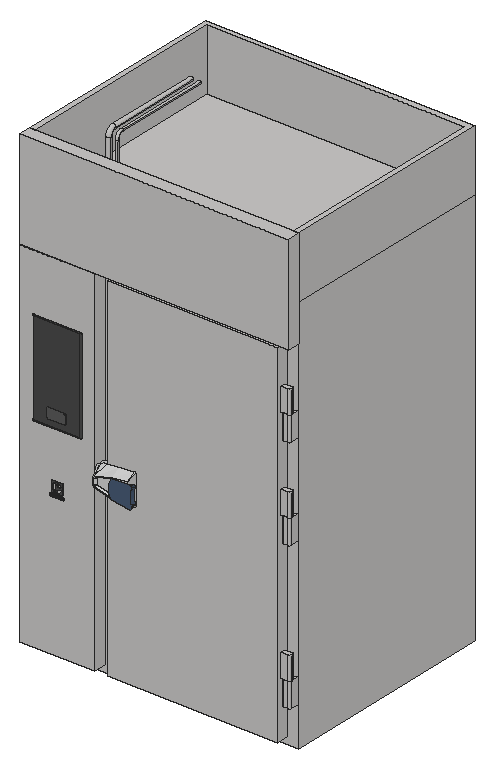
Revit family "QF_ELECTROLUXPROFESSIONAL_727874_EBFA22URE", category Specialty Equipment, Revit 2018
Family settings
  Round Connector Dimension = Use Radius
  Part Type = Normal
  Work Plane-Based = No
  Always vertical = Yes
  Cut with Voids When Loaded = No
  Shared = Yes
  Room Calculation Point = No
Parameters
  Weight = 0.00 kg
  Watts = 0 W
  Volts = 380 V
  URL Manufacturer = "http://professional.electrolux.com"
  URL = "http://professional.electrolux.com"
  Steam Supply Size = 0"
  Steam Supply Minimum Pressure = 0.00 psi
  Steam Supply Maximum Pressure = 0.00 psi
  Steam Pounds per Hour = 0
  Show Logo [instance] = yes
  Refrigeration Suction Line Size = 0"
  Refrigeration Liquid Line Size = 0"
  Refrigerant Compressor Remote = yes
  Phase = 3
  Model = "EBFA22URE"
  Manufacturer = "Electrolux"
  Length Actual = 1400 mm  # constant formula
  Item Number = "727874"
  Hot Water Size = 0"
  Height Actual = 2270 mm  # constant formula
  HP = "8.6 HP"
  Gas Size = 0"
  Gas KW = 0
  Gas Input Pressure = 0.0 Btu/h
  Direct Waste Size = 3/4"
  Description = "SKYLINE CHILLS BLAST CHILLER FREEZER 200/170KG 20 GN 2/1 - ROLL-IN - REMOTE REFRIGERATING UNIT - WITH UV LAMP"
  Depth Actual = 1266 mm  # constant formula
  Cycle = 60 Hz
  Condensate Return Size = 0"
  Compressed Air Volume = 0 GPM
  Compressed Air Size = 0"
  Compressed Air Pressure = 0.00 psi
  Cold Water Size = 0"
  Assembly Code = ""
  Show Clearance [instance] = yes
  Accessory = yes
Reference planes
  plane 1 "BACK": y = 1
  plane 2: z = 0
  plane 3 "LEFT": x = 0
  plane 4 "RIGHT": x = 1400
  plane 5 "FRONT": y = -1205
  plane 6 "TOP": z = 2400
  plane 7 "Center Y": x = 700
  plane 8: y = -2155
  plane 9: y = -602
Forms (mm)
  Extrusion 1, solid, material "QF_Clearance", visible <- "Show Clearance", detail levels coarse
    sketch origin (0, 0, -70) x (1, 0, 0) y (0, 1, 0)
      loop
        line (0, -1205) -> (0, 1) -> (1400, 1) -> (1400, -1205) -> (1500, -1205) -> (1500, 101) -> (-100, 101) -> (-100, -1205) -> (0, -1205)
    from 70 to 2670
  Extrusion 2, solid, material "QF_Finishes_Stainless Steel"
    sketch origin (349.253, 33, 630.991) x (-1, 0, 0) y (0, -1, 0)
      loop
        line (349.253, 1172.759) -> (349.253, 1238) -> (-39.747, 1238) -> (-39.747, 1172.759) -> (349.253, 1172.759)
    from -597 to 1254
  Extrusion 3, solid, material "QF_Finishes_Stainless Steel"
    sketch origin (596.16, 27.971, -70) x (1, 0, 0) y (0, 1, 0)
      loop
        line (743.84, -1172.971) -> (-141.16, -1172.971) -> (-141.16, -1232.971) -> (743.84, -1232.971) -> (743.84, -1172.971)
    from 103.991 to 1945.25
  Extrusion 4, solid, material "QF_Door-Drawer Clearances", visible <- "Show Clearance", detail levels coarse
    sketch origin (875, -72.029, -91.802) x (-1, 0, 0) y (0, -1, 0)
      loop
        line (-465, 2025.971) -> (-465, 1132.971) -> (420, 1132.971)
        arc (420, 1132.971) -> (153.836, 1754.227) -> (-465, 2025.971) r 920
    from 125.793 to 1967.052
  Extrusion 5, solid, material "QF_Finishes_Stainless Steel"
    sketch origin (0, -1139.759, 0) x (0, 1, 0) y (-1, 0, 0)
      loop
        line (1140.759, 0) -> (0.759, 0) -> (0.759, -1400) -> (1140.759, -1400) -> (1140.759, 0)
    from 0 to 2080
  Extrusion 6, solid, material "QF_Finishes_Stainless Steel"
    sketch origin (0, 0, -70) x (0, 1, 0) y (0, 0, 1)
      loop
        line (-1139, 2470) -> (-1205, 2470) -> (-1205, 1956) -> (-1139, 1956) -> (-1139, 2470)
    from 0 to 1400
  Extrusion 7, solid, material "QF_Finishes_Stainless Steel"
    sketch origin (0, -1139.759, 2080) x (0, 1, 0) y (-1, 0, 0)
      loop
        line (1140.759, 0) -> (0.759, 0) -> (0.759, -27.807) -> (1112.952, -27.807) -> (1112.952, -1372.193) -> (0.759, -1372.193) -> (0.759, -1400) -> (1140.759, -1400) -> (1140.759, 0)
    from 0 to 320
  Extrusion 8, solid, material "QF_Clearance", visible <- "Show Clearance", detail levels coarse
    sketch origin (0, 0, 2400) x (-1, 0, 0) y (0, -1, 0)
      loop
        line (0, 1205) -> (-1400, 1205) -> (-1400, -1) -> (0, -1) -> (0, 1205)
    from 0 to 200
  Extrusion 9, solid, material "QF_Finishes_Stainless Steel"
    sketch origin (-390.239, -0.977, 1172.559) x (1, 0, 0) y (0, 1, 0)
      loop
        line (1730.239, -1159.557) -> (1730.239, -1186.759) -> (1771.078, -1186.759)
        arc (1771.078, -1186.759) -> (1778.149, -1183.83) -> (1781.078, -1176.759) r 10
        line (1781.078, -1176.759) -> (1781.078, -1169.557)
        arc (1781.078, -1169.557) -> (1778.149, -1162.486) -> (1771.078, -1159.557) r 10
        line (1771.078, -1159.557) -> (1730.239, -1159.557)
    from 398 to 516
  Extrusion 10, solid, material "QF_Finishes_Stainless Steel"
    sketch origin (-388.989, -0.977, 1172.559) x (1, 0, 0) y (0, 1, 0)
      loop
        line (1779.828, -1138.023) -> (1738.215, -1138.023) -> (1738.215, -1176.759)
        arc (1738.215, -1176.759) -> (1741.143, -1183.83) -> (1748.215, -1186.759) r 10
        line (1748.215, -1186.759) -> (1769.828, -1186.759)
        arc (1769.828, -1186.759) -> (1776.899, -1183.83) -> (1779.828, -1176.759) r 10
        line (1779.828, -1176.759) -> (1779.828, -1138.023)
    from 269 to 396
  Extrusion 11, solid, material "QF_Finishes_Handrails and Railings"
    sketch origin (0, -1205, -139.705) x (-1, 0, 0) y (0, 0, 1)
      loop
        arc (-455, 1022.346) -> (-433.392, 1027.289) -> (-413, 1035.976) r 124.815
        arc (-413, 1035.976) -> (-402.037, 1046.425) -> (-398, 1061.023) r 28.412
        line (-398, 1061.023) -> (-398, 1124.287)
        arc (-398, 1124.287) -> (-402.037, 1138.885) -> (-413, 1149.334) r 28.412
        arc (-413, 1149.334) -> (-433.392, 1158.021) -> (-455, 1162.964) r 124.815
        line (-455, 1162.964) -> (-455, 1022.346)
    from 0 to 25
  Extrusion 12, solid, material "QF_Finishes_Stainless Steel"
    sketch origin (0, 1, -70) x (1, 0, 0) y (0, 0, 1)
      loop
        circle (50.191, 2279.706) r 10
    from -2 to 0
  Extrusion 13, solid
    sketch origin (0, 0, -70) x (1, 0, 0) y (0, 1, 0)
      loop
        circle (271, -895) r 12.7
    from 180 to 190
  Sweep 14, solid, material "QF_Finishes_Stainless Steel"
    path in 3D
      loop
        line (196, -872.727, 2090) -> (196, -872.727, 2314.785)
        arc (196, -872.727, 2314.785) -> (196, -863.94, 2335.999) -> (196, -842.727, 2344.785) r 30
        line (196, -842.727, 2344.785) -> (196, -337, 2344.785)
    profile origin (196, -589.864, 2344.785) x (-1, 0, 0) y (0, 0, 1)
      loop
        circle (0, -0.785) r 11
  Sweep 15, solid, material "QF_Finishes_Stainless Steel"
    path in 3D
      loop
        line (239, -337, 2344) -> (239, -842.727, 2344)
        arc (239, -842.727, 2344) -> (239, -863.94, 2335.213) -> (239, -872.727, 2314) r 30
        line (239, -872.727, 2314) -> (239, -872.727, 2090)
    profile origin (239, -589.864, 2344) x (1, 0, 0) y (0, 0, 1)
      loop
        circle (0, 0) r 6
  Extrusion 16, solid, material "QF_Finishes_Stainless Steel"
    sketch origin (0, -1139.759, 2080) x (0, 1, 0) y (-1, 0, 0)
      loop
        line (272.791, -163.68) -> (262.791, -163.68)
        arc (262.791, -163.68) -> (252.185, -168.074) -> (247.791, -178.68) r 15
        line (247.791, -178.68) -> (247.791, -270.358)
        arc (247.791, -270.358) -> (252.185, -280.965) -> (262.791, -285.358) r 15
        line (262.791, -285.358) -> (272.791, -285.358)
        arc (272.791, -285.358) -> (283.398, -280.965) -> (287.791, -270.358) r 15
        line (287.791, -270.358) -> (287.791, -178.68)
        arc (287.791, -178.68) -> (283.398, -168.074) -> (272.791, -163.68) r 15
    from 0 to 10
  Blend 17, solid, material "QF_Finishes_Handrails and Railings"
    base sketch origin (0, -1205, -139.705) x (1, 0, 0) y (0, 0, 1)
      loop
        arc (455, 1162.964) -> (433.392, 1158.021) -> (413, 1149.334) r 124.815
        arc (413, 1149.334) -> (402.037, 1138.885) -> (398, 1124.287) r 28.412
        line (398, 1124.287) -> (398, 1061.023)
        arc (398, 1061.023) -> (402.037, 1046.425) -> (413, 1035.976) r 28.412
        arc (413, 1035.976) -> (433.392, 1027.289) -> (455, 1022.346) r 124.815
        arc (455, 1022.346) -> (524.77, 1014.896) -> (594.859, 1011.587) r 1185.63
        arc (594.859, 1011.587) -> (600.607, 1013.879) -> (603, 1019.586) r 8
        line (603, 1019.586) -> (603, 1165.724)
        arc (603, 1165.724) -> (600.607, 1171.431) -> (594.859, 1173.723) r 8
        arc (594.859, 1173.723) -> (524.77, 1170.414) -> (455, 1162.964) r 1185.63
    top sketch origin (0, -1205, -139.705) x (1, 0, 0) y (0, 0, 1)
      loop
        line (421, 1108.337) -> (421, 1076.973)
        arc (421, 1076.973) -> (423.295, 1069.915) -> (429.302, 1065.557) r 12
        arc (429.302, 1065.557) -> (515.086, 1044.22) -> (603, 1034.974) r 636.459
        line (603, 1034.974) -> (603, 1150.336)
        arc (603, 1150.336) -> (515.086, 1141.09) -> (429.302, 1119.753) r 636.459
        arc (429.302, 1119.753) -> (423.295, 1115.395) -> (421, 1108.337) r 12
    from 0 to 50
  Blend 18, void
    base sketch origin (0, -1255, -139.705) x (-1, 0, 0) y (0, 0, 1)
      loop
        arc (-430.843, 1114.996) -> (-515.866, 1136.151) -> (-603, 1145.333) r 631.459
        line (-603, 1145.333) -> (-603, 1039.977)
        arc (-603, 1039.977) -> (-515.866, 1049.159) -> (-430.843, 1070.314) r 631.459
        arc (-430.843, 1070.314) -> (-427.339, 1072.856) -> (-426, 1076.973) r 7
        line (-426, 1076.973) -> (-426, 1108.337)
        arc (-426, 1108.337) -> (-427.339, 1112.454) -> (-430.843, 1114.996) r 7
    top sketch origin (0, -1255, -139.705) x (-1, 0, 0) y (0, 0, 1)
      loop
        arc (-432.384, 1110.24) -> (-516.647, 1131.211) -> (-603, 1140.33) r 626.459
        line (-603, 1140.33) -> (-603, 1044.98)
        arc (-603, 1044.98) -> (-516.647, 1054.099) -> (-432.384, 1075.07) r 626.459
        arc (-432.384, 1075.07) -> (-431.382, 1075.797) -> (-431, 1076.973) r 2
        line (-431, 1076.973) -> (-431, 1108.337)
        arc (-431, 1108.337) -> (-431.382, 1109.513) -> (-432.384, 1110.24) r 2
    from 0 to 10
  Blend 19, solid, material "QF_Finishes_Electrolux_Blue"
    base sketch origin (0, -1245, -139.705) x (1, 0, 0) y (0, 0, 1)
      loop
        arc (628.567, 1043.419) -> (622.014, 1092.655) -> (628.567, 1141.89) r 188.232
        arc (628.567, 1141.89) -> (627.358, 1147.991) -> (621.77, 1150.721) r 7
        arc (621.77, 1150.721) -> (572.304, 1148.509) -> (523.16, 1142.458) r 636.459
        arc (523.16, 1142.458) -> (507.711, 1092.655) -> (523.16, 1042.852) r 88
        arc (523.16, 1042.852) -> (572.304, 1036.801) -> (621.77, 1034.589) r 636.459
        arc (621.77, 1034.589) -> (627.358, 1037.319) -> (628.567, 1043.419) r 7
    top sketch origin (0, -1245, -139.705) x (1, 0, 0) y (0, 0, 1)
      loop
        arc (626.748, 1050.703) -> (622.014, 1092.655) -> (626.748, 1134.607) r 188.232
        arc (626.748, 1134.607) -> (625.775, 1138.85) -> (621.845, 1140.722) r 5
        arc (621.845, 1140.722) -> (569.023, 1138.185) -> (516.603, 1131.203) r 626.459
        arc (516.603, 1131.203) -> (507.711, 1092.655) -> (516.603, 1054.107) r 88
        arc (516.603, 1054.107) -> (569.023, 1047.124) -> (621.845, 1044.588) r 626.459
        arc (621.845, 1044.588) -> (625.775, 1046.46) -> (626.748, 1050.703) r 5
    from 20 to 0
  Extrusion 20, solid, material "QF_Finishes_Stainless Steel"
    sketch origin (-390.239, -0.977, 692.559) x (1, 0, 0) y (0, 1, 0)
      loop
        line (1730.239, -1159.557) -> (1730.239, -1186.759) -> (1771.078, -1186.759)
        arc (1771.078, -1186.759) -> (1778.149, -1183.83) -> (1781.078, -1176.759) r 10
        line (1781.078, -1176.759) -> (1781.078, -1169.557)
        arc (1781.078, -1169.557) -> (1778.149, -1162.486) -> (1771.078, -1159.557) r 10
        line (1771.078, -1159.557) -> (1730.239, -1159.557)
    from 398 to 516
  Extrusion 21, solid, material "QF_Finishes_Stainless Steel"
    sketch origin (-388.989, -0.977, 692.559) x (1, 0, 0) y (0, 1, 0)
      loop
        line (1779.828, -1138.023) -> (1738.215, -1138.023) -> (1738.215, -1176.759)
        arc (1738.215, -1176.759) -> (1741.143, -1183.83) -> (1748.215, -1186.759) r 10
        line (1748.215, -1186.759) -> (1769.828, -1186.759)
        arc (1769.828, -1186.759) -> (1776.899, -1183.83) -> (1779.828, -1176.759) r 10
        line (1779.828, -1176.759) -> (1779.828, -1138.023)
    from 269 to 396
  Extrusion 22, solid, material "QF_Finishes_Stainless Steel"
    sketch origin (-390.239, -0.977, -67.441) x (1, 0, 0) y (0, 1, 0)
      loop
        line (1730.239, -1159.557) -> (1730.239, -1186.759) -> (1771.078, -1186.759)
        arc (1771.078, -1186.759) -> (1778.149, -1183.83) -> (1781.078, -1176.759) r 10
        line (1781.078, -1176.759) -> (1781.078, -1169.557)
        arc (1781.078, -1169.557) -> (1778.149, -1162.486) -> (1771.078, -1159.557) r 10
        line (1771.078, -1159.557) -> (1730.239, -1159.557)
    from 398 to 516
  Extrusion 23, solid, material "QF_Finishes_Stainless Steel"
    sketch origin (-388.989, -0.977, -67.441) x (1, 0, 0) y (0, 1, 0)
      loop
        line (1779.828, -1138.023) -> (1738.215, -1138.023) -> (1738.215, -1176.759)
        arc (1738.215, -1176.759) -> (1741.143, -1183.83) -> (1748.215, -1186.759) r 10
        line (1748.215, -1186.759) -> (1769.828, -1186.759)
        arc (1769.828, -1186.759) -> (1776.899, -1183.83) -> (1779.828, -1176.759) r 10
        line (1779.828, -1176.759) -> (1779.828, -1138.023)
    from 269 to 396
  Extrusion 24, solid, material "QF_Door-Drawer Clearances", visible <- "Show Clearance", detail levels coarse
    sketch origin (167.029, -1956.84, -70) x (0, 1, 0) y (-1, 0, 0)
      loop
        line (751.84, -1172.971) -> (-141.16, -1172.971) -> (-141.16, -1232.971) -> (751.84, -1232.971) -> (751.84, -1172.971)
    from 103.991 to 1945.25
  Extrusion 25, solid, material "QF_Door-Drawer Clearances", visible <- "Show Clearance", detail levels coarse
    sketch origin (1400, -2553, -139.705) x (0, -1, 0) y (0, 0, 1)
      loop
        arc (-455, 1022.346) -> (-433.392, 1027.289) -> (-413, 1035.976) r 124.815
        arc (-413, 1035.976) -> (-402.037, 1046.425) -> (-398, 1061.023) r 28.412
        line (-398, 1061.023) -> (-398, 1124.287)
        arc (-398, 1124.287) -> (-402.037, 1138.885) -> (-413, 1149.334) r 28.412
        arc (-413, 1149.334) -> (-433.392, 1158.021) -> (-455, 1162.964) r 124.815
        line (-455, 1162.964) -> (-455, 1022.346)
    from 0 to 25
  Blend 26, solid, material "QF_Door-Drawer Clearances", visible <- "Show Clearance", detail levels coarse
    base sketch origin (1400, -2553, -139.705) x (0, 1, 0) y (0, 0, 1)
      loop
        arc (455, 1162.964) -> (433.392, 1158.021) -> (413, 1149.334) r 124.815
        arc (413, 1149.334) -> (402.037, 1138.885) -> (398, 1124.287) r 28.412
        line (398, 1124.287) -> (398, 1061.023)
        arc (398, 1061.023) -> (402.037, 1046.425) -> (413, 1035.976) r 28.412
        arc (413, 1035.976) -> (433.392, 1027.289) -> (455, 1022.346) r 124.815
        arc (455, 1022.346) -> (524.77, 1014.896) -> (594.859, 1011.587) r 1185.63
        arc (594.859, 1011.587) -> (600.607, 1013.879) -> (603, 1019.586) r 8
        line (603, 1019.586) -> (603, 1165.724)
        arc (603, 1165.724) -> (600.607, 1171.431) -> (594.859, 1173.723) r 8
        arc (594.859, 1173.723) -> (524.77, 1170.414) -> (455, 1162.964) r 1185.63
    top sketch origin (1400, -2553, -139.705) x (0, 1, 0) y (0, 0, 1)
      loop
        line (421, 1108.337) -> (421, 1076.973)
        arc (421, 1076.973) -> (423.295, 1069.915) -> (429.302, 1065.557) r 12
        arc (429.302, 1065.557) -> (515.086, 1044.22) -> (603, 1034.974) r 636.459
        line (603, 1034.974) -> (603, 1150.336)
        arc (603, 1150.336) -> (515.086, 1141.09) -> (429.302, 1119.753) r 636.459
        arc (429.302, 1119.753) -> (423.295, 1115.395) -> (421, 1108.337) r 12
    from 0 to 50
  Blend 27, void
    base sketch origin (1450, -2553, -139.705) x (0, -1, 0) y (0, 0, 1)
      loop
        arc (-430.843, 1114.996) -> (-515.866, 1136.151) -> (-603, 1145.333) r 631.459
        line (-603, 1145.333) -> (-603, 1039.977)
        arc (-603, 1039.977) -> (-515.866, 1049.159) -> (-430.843, 1070.314) r 631.459
        arc (-430.843, 1070.314) -> (-427.339, 1072.856) -> (-426, 1076.973) r 7
        line (-426, 1076.973) -> (-426, 1108.337)
        arc (-426, 1108.337) -> (-427.339, 1112.454) -> (-430.843, 1114.996) r 7
    top sketch origin (1450, -2553, -139.705) x (0, -1, 0) y (0, 0, 1)
      loop
        arc (-432.384, 1110.24) -> (-516.647, 1131.211) -> (-603, 1140.33) r 626.459
        line (-603, 1140.33) -> (-603, 1044.98)
        arc (-603, 1044.98) -> (-516.647, 1054.099) -> (-432.384, 1075.07) r 626.459
        arc (-432.384, 1075.07) -> (-431.382, 1075.797) -> (-431, 1076.973) r 2
        line (-431, 1076.973) -> (-431, 1108.337)
        arc (-431, 1108.337) -> (-431.382, 1109.513) -> (-432.384, 1110.24) r 2
    from 0 to 10
  Blend 28, solid, material "QF_Door-Drawer Clearances", visible <- "Show Clearance", detail levels coarse
    base sketch origin (1440, -2553, -139.705) x (0, 1, 0) y (0, 0, 1)
      loop
        arc (628.567, 1043.419) -> (622.014, 1092.655) -> (628.567, 1141.89) r 188.232
        arc (628.567, 1141.89) -> (627.358, 1147.991) -> (621.77, 1150.721) r 7
        arc (621.77, 1150.721) -> (572.304, 1148.509) -> (523.16, 1142.458) r 636.459
        arc (523.16, 1142.458) -> (507.711, 1092.655) -> (523.16, 1042.852) r 88
        arc (523.16, 1042.852) -> (572.304, 1036.801) -> (621.77, 1034.589) r 636.459
        arc (621.77, 1034.589) -> (627.358, 1037.319) -> (628.567, 1043.419) r 7
    top sketch origin (1440, -2553, -139.705) x (0, 1, 0) y (0, 0, 1)
      loop
        arc (626.748, 1050.703) -> (622.014, 1092.655) -> (626.748, 1134.607) r 188.232
        arc (626.748, 1134.607) -> (625.775, 1138.85) -> (621.845, 1140.722) r 5
        arc (621.845, 1140.722) -> (569.023, 1138.185) -> (516.603, 1131.203) r 626.459
        arc (516.603, 1131.203) -> (507.711, 1092.655) -> (516.603, 1054.107) r 88
        arc (516.603, 1054.107) -> (569.023, 1047.124) -> (621.845, 1044.588) r 626.459
        arc (621.845, 1044.588) -> (625.775, 1046.46) -> (626.748, 1050.703) r 5
    from 20 to -1
Cuts and joins
  Blend 18 cuts Blend 17
  joined: Extrusion 11, Blend 17
  Blend 18 cuts Extrusion 4
  Blend 27 cuts Blend 26
  Blend 27 cuts Blend 28
  joined: Extrusion 4, Extrusion 24, Extrusion 25, Blend 26, Blend 28
  joined: Extrusion 7, Extrusion 12
  joined: Extrusion 5, Extrusion 10, Sweep 14, Sweep 15, Extrusion 16, Extrusion 21, Extrusion 23
  joined: Extrusion 3, Extrusion 9, Extrusion 20, Extrusion 22
  joined: Extrusion 1, Extrusion 8
Lines and regions (mm)
  symbolic lines, style "QF-Clearances", visible <- "Show Clearance", detail levels coarse
    curve 1: line (-100, -1204.241, 70) -> (-100, 101, 70)
    curve 2: line (-100, 101, 70) -> (1500, 101, 70)
    curve 3: line (1500, 101, 70) -> (1500, -1204.241, 70)
  symbolic lines
    curve 4: line (185, -336.968, 70) -> (207, -336.968, 70)
    curve 5: line (207, -336.968, 70) -> (207, -871.942, 70)
    curve 6: line (233, -872.727, 70) -> (233, -337, 70)
    curve 7: line (233, -337, 70) -> (245, -337, 70)
    curve 8: line (245, -337, 70) -> (245, -872.727, 70)
    curve 9: line (245, -851.968, 70) -> (270.358, -851.968, 70)
    curve 10: arc (285.358, -866.968, 70) -> (280.965, -856.361, 70) -> (270.358, -851.968, 70) r 15
    curve 11: line (285.358, -876.968, 70) -> (285.358, -866.968, 70)
    curve 12: arc (270.358, -891.968, 70) -> (280.965, -887.575, 70) -> (285.358, -876.968, 70) r 15
    curve 13: line (178.68, -891.968, 70) -> (270.358, -891.968, 70)
    curve 14: arc (163.68, -876.968, 70) -> (168.074, -887.575, 70) -> (178.68, -891.968, 70) r 15
    curve 15: line (163.68, -866.968, 70) -> (163.68, -876.968, 70)
    curve 16: arc (178.68, -851.968, 70) -> (168.074, -856.361, 70) -> (163.68, -866.968, 70) r 15
    curve 17: arc (207, -871.942, 70) -> (196, -882.942, 70) -> (185, -871.942, 70) r 11
    curve 18: arc (233, -872.727, 70) -> (239, -878.727, 70) -> (245, -872.727, 70) r 6
    curve 19: line (178.68, -851.968, 70) -> (185, -851.968, 70)
    curve 20: line (185, -336.968, 70) -> (185, -871.942, 70)
    curve 21: line (207, -851.968, 70) -> (233, -851.968, 70)
    curve 22: line (0, 1, 70) -> (1400, 1, 70)
    curve 23: line (0, -1205, 70) -> (0, 1, 70)
    curve 24: line (1400, -1205, 70) -> (0, -1205, 70)
    curve 25: line (1400, 1, 70) -> (1400, -1205, 70)
    curve 26: line (27.807, -26.807, 70) -> (1372.193, -26.807, 70)
    curve 27: line (27.807, -1139, 70) -> (27.807, -26.807, 70)
    curve 28: line (1400, -1139, 70) -> (0, -1139, 70)
    curve 29: line (1372.193, -26.807, 70) -> (1372.193, -1139, 70)
    curve 30: line (75.5, -1210, 70) -> (313.5, -1210, 70)
    curve 31: line (75.5, -1210, 70) -> (67.5, -1205, 70)
    curve 32: line (313.5, -1210, 70) -> (321.5, -1205, 70)
    curve 33: line (421, -1255, 70) -> (398, -1205, 70)
    curve 34: line (421, -1255, 70) -> (603, -1255, 70)
    curve 35: line (603, -1255, 70) -> (603, -1205, 70)
    curve 36: line (603, -1245, 70) -> (626.748, -1245, 70)
    curve 37: line (626.748, -1245, 70) -> (628.811, -1265, 70)
    curve 38: line (628.811, -1265, 70) -> (507.711, -1265, 70)
    curve 39: line (507.711, -1265, 70) -> (507.711, -1255, 70)
  symbolic lines, style "QF_Door-Drawer Clearances", visible <- "Show Clearance"
    curve 40: line (1450, -2132, 70) -> (1400, -2155, 70)
    curve 41: line (1450, -2132, 70) -> (1450, -1950, 70)
    curve 42: line (1450, -1950, 70) -> (1400, -1950, 70)
    curve 43: line (1439, -1950, 70) -> (1439, -1926.126, 70)
    curve 44: line (1439, -1926.126, 70) -> (1460, -1924.189, 70)
    curve 45: line (1460, -1924.189, 70) -> (1460, -2045.289, 70)
    curve 46: line (1460, -2045.289, 70) -> (1450, -2045.289, 70)
    curve 47: line (1375, -2098, 70) -> (1375, -2155, 70)
    curve 48: line (1340, -2098, 70) -> (1400, -2098, 70)
    curve 49: arc (457.796, -1255, 70) -> (739.031, -1843.801, 70) -> (1340, -2098, 70) r 920
    curve 50: line (1400, -2155, 70) -> (1375, -2155, 70)
    curve 51: line (1400, -2098, 70) -> (1400, -1205, 70)
    curve 58: line (1340, -2098, 70) -> (1340, -1205, 70)
  sketch lines
    curve 52: line (196, -842.727, 2344.785) -> (196, -337, 2344.785)
    curve 53: arc (196, -872.727, 2314.785) -> (196, -863.94, 2335.999) -> (196, -842.727, 2344.785) r 30
    curve 54: line (196, -872.727, 2090) -> (196, -872.727, 2314.785)
    curve 55: line (239, -337, 2344) -> (239, -842.727, 2344)
    curve 56: arc (239, -842.727, 2344) -> (239, -863.94, 2335.213) -> (239, -872.727, 2314) r 30
    curve 57: line (239, -872.727, 2314) -> (239, -872.727, 2090)
Dimensions and locks
  plane 5 "FRONT" to plane 1 "BACK" = 1206 mm
  plane 6 "TOP" to level = 2400 mm
  plane 4 "RIGHT" to plane 3 "LEFT" = 1400 mm
  plane 3 "LEFT" to plane 4 "RIGHT" = 1400 mm
  equal spacing: plane 3 "LEFT", plane 7 "Center Y", plane 4 "RIGHT"
  plane 1 "BACK" to plane 5 "FRONT" = 1206 mm
  aligned and locked: level to plane 2
Automatic sketch dimensions
  plane 5 "FRONT" to Extrusion 1 sketch curve = 0 mm  (x2)
  Extrusion 1 sketch curve to plane 3 "LEFT" = 0 mm
  plane 1 "BACK" to Extrusion 1 sketch curve = 0 mm
  Extrusion 1 sketch curve to plane 4 "RIGHT" = 0 mm
  Extrusion 1 sketch curve to plane 3 "LEFT" = 100 mm
  plane 4 "RIGHT" to Extrusion 1 sketch curve = 100 mm
  Extrusion 1 sketch curve to plane 1 "BACK" = 100 mm
  plane 5 "FRONT" to Extrusion 2 sketch curve = 0 mm
  Extrusion 2 sketch curve to plane 3 "LEFT" = 0 mm
  Extrusion 2 sketch curve to plane 5 "FRONT" = 65.241 mm
  plane 5 "FRONT" to Extrusion 3 sketch curve = 0 mm
  Extrusion 3 sketch curve to plane 5 "FRONT" = 60 mm
  Extrusion 3 sketch curve to plane 4 "RIGHT" = 60 mm
  plane 5 "FRONT" to Extrusion 4 sketch curve = 0 mm
  Extrusion 4 sketch curve to plane 4 "RIGHT" = 25.377 mm
  Extrusion 4 sketch curve to Extrusion 4 sketch curve = 34.623 mm
  Extrusion 4 sketch curve to plane 5 "FRONT" = 26.348 mm
  Extrusion 5 sketch curve to plane 3 "LEFT" = 0 mm
  Extrusion 5 sketch curve to plane 4 "RIGHT" = 0 mm
  plane 1 "BACK" to Extrusion 5 sketch curve = 0 mm
  Extrusion 5 sketch curve to plane 5 "FRONT" = 66 mm
  Extrusion 6 sketch curve to plane 5 "FRONT" = 0 mm
  Extrusion 6 sketch curve to plane 5 "FRONT" = 66 mm
  Extrusion 6 sketch curve to plane 6 "TOP" = 514 mm
  plane 6 "TOP" to Extrusion 6 sketch curve = 0 mm
  Extrusion 5 to Extrusion 7 sketch curve = 0 mm
  Extrusion 7 sketch curve to Extrusion 5 = 0 mm  (x4)
  Extrusion 7 sketch curve to Extrusion 5 = 27.807 mm  (x3)
  Extrusion 8 sketch curve to plane 4 "RIGHT" = 0 mm
  plane 1 "BACK" to Extrusion 8 sketch curve = 0 mm
  Extrusion 8 sketch curve to plane 3 "LEFT" = 0 mm
  plane 5 "FRONT" to Extrusion 8 sketch curve = 0 mm
  Extrusion 9 sketch curve to plane 5 "FRONT" = 17.264 mm
  Extrusion 9 sketch curve to plane 4 "RIGHT" = 60 mm
  Extrusion 9 sketch curve to plane 4 "RIGHT" = 19.161 mm
  Extrusion 9 sketch curve to Extrusion 9 sketch curve = 0 mm
  Extrusion 9 sketch curve to plane 4 "RIGHT" = 9.161 mm
  Extrusion 9 sketch curve to Extrusion 9 sketch curve = 7.202 mm
  Extrusion 10 sketch curve to plane 5 "FRONT" = 27.264 mm
  Extrusion 10 sketch curve to plane 4 "RIGHT" = 50.775 mm
  Extrusion 10 sketch curve to Extrusion 10 sketch curve = 10 mm
  Extrusion 10 sketch curve to plane 4 "RIGHT" = 19.161 mm
  Extrusion 10 sketch curve to plane 4 "RIGHT" = 9.161 mm
  Extrusion 10 sketch curve to Extrusion 10 sketch curve = 38.736 mm
  plane 7 "Center Y" to Extrusion 11 sketch curve = 228.081 mm
  Extrusion 11 sketch curve to Extrusion 11 sketch curve = 0 mm
  Extrusion 11 sketch curve to Extrusion 11 sketch curve = 16.919 mm
  Extrusion 11 sketch curve to Extrusion 11 sketch curve = 28.588 mm  (x2)
  Extrusion 11 sketch curve to Extrusion 11 sketch curve = 28.412 mm
  level to Extrusion 11 sketch curve = 882.641 mm
  Extrusion 11 sketch curve to Extrusion 11 sketch curve = 16.954 mm  (x2)
  Extrusion 11 sketch curve to Extrusion 11 sketch curve = 38.676 mm
  Extrusion 11 sketch curve to Extrusion 11 sketch curve = 63.265 mm
  Extrusion 11 sketch curve to Extrusion 11 sketch curve = 21.722 mm
  plane 3 "LEFT" to Extrusion 12 sketch curve = 50.191 mm
  Extrusion 12 sketch curve to plane 6 "TOP" = 190.294 mm
  Extrusion 13 sketch curve to plane 9 = 293 mm
  Sweep 14 sketch curve to profile plane = 0 mm
  Sweep 14 sketch curve to profile plane = 0.785 mm
  profile plane to Sweep 15 sketch curve = 0 mm
  Sweep 15 sketch curve to profile plane = 0 mm
  Extrusion 16 sketch curve to Extrusion 5 = 247.032 mm
  Extrusion 16 sketch curve to Extrusion 16 sketch curve = 15 mm  (x3)
  Extrusion 16 sketch curve to Extrusion 16 sketch curve = 10 mm  (x2)
  Extrusion 16 sketch curve to Extrusion 5 = 285.358 mm
  Extrusion 16 sketch curve to Extrusion 16 sketch curve = 91.678 mm
  Blend 17 sketch curve to Extrusion 11 = 0 mm  (x4)
  Blend 17 sketch curve to Extrusion 11 = 28.412 mm
  Blend 17 sketch curve to Blend 17 sketch curve = 123.081 mm  (x2)
  Blend 17 sketch curve to Blend 17 sketch curve = 8 mm
  Extrusion 11 to Blend 17 sketch curve = 160.712 mm  (x2)
  Blend 17 sketch curve to Blend 17 sketch curve = 19.715 mm  (x2)
  Blend 17 sketch curve to Blend 17 sketch curve = 38.676 mm
  Blend 17 sketch curve to Extrusion 11 = 23 mm
  Blend 17 sketch curve to Blend 17 sketch curve = 12 mm  (x2)
  Extrusion 11 to Blend 17 sketch curve = 148 mm
  Extrusion 11 to Blend 17 sketch curve = 170.45 mm  (x2)
  Blend 17 sketch curve to Blend 17 sketch curve = 520.701 mm  (x2)
  Blend 17 sketch curve to Blend 17 sketch curve = 41.999 mm
  Blend 17 sketch curve to Blend 17 sketch curve = 31.364 mm
  Blend 17 sketch curve to Blend 17 sketch curve = 115.362 mm
  Blend 17 to Blend 18 sketch curve = 0 mm  (x2)
  Blend 18 sketch curve to Blend 18 sketch curve = 7 mm
  Blend 18 sketch curve to Blend 18 sketch curve = 31.364 mm  (x2)
  Blend 18 sketch curve to Blend 18 sketch curve = 2 mm
  Blend 18 to Blend 19 sketch curve = 18.811 mm  (x2)
  Blend 19 sketch curve to Blend 18 = 7.289 mm  (x2)
  Blend 19 sketch curve to Blend 19 sketch curve = 188.435 mm
  Blend 19 sketch curve to Blend 19 sketch curve = 7 mm  (x2)
  Blend 19 sketch curve to Blend 19 sketch curve = 51.066 mm  (x2)
  Blend 19 sketch curve to Blend 19 sketch curve = 0 mm  (x6)
  Blend 19 sketch curve to Blend 18 = 79.84 mm
  Blend 18 to Blend 19 sketch curve = 18.874 mm  (x2)
  Blend 19 sketch curve to Blend 19 sketch curve = 188.371 mm
  Blend 19 sketch curve to Blend 19 sketch curve = 5 mm  (x2)
  Blend 19 sketch curve to Blend 19 sketch curve = 43.067 mm  (x2)
  Blend 19 sketch curve to Blend 18 = 85.603 mm
  Extrusion 20 sketch curve to plane 5 "FRONT" = 17.264 mm
  Extrusion 20 sketch curve to plane 4 "RIGHT" = 60 mm
  Extrusion 20 sketch curve to plane 4 "RIGHT" = 19.161 mm
  Extrusion 20 sketch curve to Extrusion 20 sketch curve = 0 mm
  Extrusion 20 sketch curve to plane 4 "RIGHT" = 9.161 mm
  Extrusion 20 sketch curve to Extrusion 20 sketch curve = 7.202 mm
  Extrusion 21 sketch curve to plane 5 "FRONT" = 27.264 mm
  Extrusion 21 sketch curve to plane 4 "RIGHT" = 50.775 mm
  Extrusion 21 sketch curve to Extrusion 21 sketch curve = 10 mm
  Extrusion 21 sketch curve to plane 4 "RIGHT" = 19.161 mm
  Extrusion 21 sketch curve to plane 4 "RIGHT" = 9.161 mm
  Extrusion 21 sketch curve to Extrusion 21 sketch curve = 38.736 mm
  Extrusion 22 sketch curve to plane 5 "FRONT" = 17.264 mm
  Extrusion 22 sketch curve to plane 4 "RIGHT" = 60 mm
  Extrusion 22 sketch curve to plane 4 "RIGHT" = 19.161 mm
  Extrusion 22 sketch curve to Extrusion 22 sketch curve = 0 mm
  Extrusion 22 sketch curve to plane 4 "RIGHT" = 9.161 mm
  Extrusion 22 sketch curve to Extrusion 22 sketch curve = 7.202 mm
  Extrusion 23 sketch curve to plane 5 "FRONT" = 27.264 mm
  Extrusion 23 sketch curve to plane 4 "RIGHT" = 50.775 mm
  Extrusion 23 sketch curve to Extrusion 23 sketch curve = 10 mm
  Extrusion 23 sketch curve to plane 4 "RIGHT" = 19.161 mm
  Extrusion 23 sketch curve to plane 4 "RIGHT" = 9.161 mm
  Extrusion 23 sketch curve to Extrusion 23 sketch curve = 38.736 mm
  Extrusion 24 sketch curve to plane 4 "RIGHT" = 0 mm
  plane 5 "FRONT" to Extrusion 24 sketch curve = 0 mm
  Extrusion 24 sketch curve to plane 8 = 57 mm
  Extrusion 24 sketch curve to plane 4 "RIGHT" = 60 mm
  Extrusion 25 sketch curve to plane 8 = 0 mm
  Extrusion 25 sketch curve to Extrusion 25 sketch curve = 28.412 mm  (x2)
  Extrusion 25 sketch curve to Extrusion 25 sketch curve = 28.588 mm
  Extrusion 25 sketch curve to Extrusion 25 sketch curve = 16.919 mm  (x2)
  level to Extrusion 25 sketch curve = 882.641 mm
  Extrusion 25 sketch curve to Extrusion 25 sketch curve = 16.954 mm  (x2)
  Extrusion 25 sketch curve to Extrusion 25 sketch curve = 38.676 mm
  Extrusion 25 sketch curve to Extrusion 25 sketch curve = 63.265 mm
  Extrusion 25 sketch curve to Extrusion 25 sketch curve = 21.722 mm
  Blend 26 sketch curve to Extrusion 25 = 0 mm  (x4)
  Blend 26 sketch curve to Extrusion 25 = 28.412 mm
  Blend 26 sketch curve to Blend 26 sketch curve = 123.081 mm  (x2)
  Blend 26 sketch curve to Blend 26 sketch curve = 8 mm
  Extrusion 25 to Blend 26 sketch curve = 160.712 mm  (x2)
  Blend 26 sketch curve to Blend 26 sketch curve = 19.715 mm  (x2)
  Blend 26 sketch curve to Blend 26 sketch curve = 38.676 mm
  Blend 26 sketch curve to Extrusion 25 = 23 mm
  Blend 26 sketch curve to Blend 26 sketch curve = 12 mm  (x2)
  Extrusion 25 to Blend 26 sketch curve = 148 mm
  Extrusion 25 to Blend 26 sketch curve = 170.45 mm  (x2)
  Blend 26 sketch curve to Blend 26 sketch curve = 520.701 mm  (x2)
  Blend 26 sketch curve to Blend 26 sketch curve = 41.999 mm
  Blend 26 sketch curve to Blend 26 sketch curve = 31.364 mm
  Blend 26 sketch curve to Blend 26 sketch curve = 115.362 mm
  Blend 27 sketch curve to Blend 26 = 0 mm  (x2)
  Blend 27 sketch curve to Blend 27 sketch curve = 7 mm
  Blend 27 sketch curve to Blend 27 sketch curve = 31.364 mm  (x2)
  Blend 27 sketch curve to Blend 27 sketch curve = 2 mm
  Blend 27 to Blend 28 sketch curve = 18.811 mm  (x2)
  Blend 28 sketch curve to Blend 27 = 7.289 mm  (x2)
  Blend 28 sketch curve to Blend 28 sketch curve = 188.435 mm
  Blend 28 sketch curve to Blend 28 sketch curve = 7 mm  (x2)
  Blend 28 sketch curve to Blend 28 sketch curve = 51.066 mm  (x2)
  Blend 28 sketch curve to Blend 28 sketch curve = 0 mm  (x6)
  Blend 28 sketch curve to Blend 27 = 79.84 mm
  Blend 27 to Blend 28 sketch curve = 18.874 mm  (x2)
  Blend 28 sketch curve to Blend 28 sketch curve = 188.371 mm
  Blend 28 sketch curve to Blend 28 sketch curve = 5 mm  (x2)
  Blend 28 sketch curve to Blend 28 sketch curve = 43.067 mm  (x2)
  Blend 28 sketch curve to Blend 27 = 85.603 mm
  plane 7 "Center Y" to Extrusion 2 sketch curve = 311 mm
  plane 7 "Center Y" to Extrusion 3 sketch curve = 245 mm
  plane 7 "Center Y" to Extrusion 4 sketch curve = 245 mm
  plane 3 "LEFT" to Extrusion 13 sketch curve = 271 mm
  plane 8 to curve 47 = 0 mm
  curve 42 to plane 4 "RIGHT" = 0 mm
  plane 5 "FRONT" to curve 33 = 0 mm
  curve 28 to plane 3 "LEFT" = 0 mm
  plane 1 "BACK" to curve 22 = 0 mm
  curve 50 to plane 4 "RIGHT" = 0 mm
  curve 41 to plane 8 = 23 mm
  curve 48 to plane 8 = 57 mm
  curve 48 to curve 46 = 52.711 mm
  curve 46 to curve 41 = 95.289 mm
  plane 4 "RIGHT" to curve 44 = 39 mm
  curve 43 to curve 44 = 23.874 mm
  curve 43 to curve 45 = 1.937 mm
  plane 5 "FRONT" to curve 37 = 60 mm
  plane 5 "FRONT" to curve 34 = 50 mm
  curve 37 to curve 37 = 20 mm
  plane 5 "FRONT" to curve 30 = 5 mm
  curve 49 to plane 5 "FRONT" = 26.348 mm
  plane 3 "LEFT" to curve 13 = 178.68 mm
  curve 13 to plane 9 = 289.968 mm
  curve 13 to curve 14 = 15 mm
  curve 12 to curve 11 = 15 mm
  curve 12 to curve 18 = 4.241 mm
  curve 14 to curve 17 = 5.026 mm
  curve 14 to curve 15 = 10 mm
  curve 12 to curve 11 = 10 mm
  curve 10 to curve 9 = 15 mm
  curve 16 to curve 19 = 15 mm
  plane 9 to curve 7 = 265 mm
  curve 6 to curve 5 = 0.032 mm
  plane 1 "BACK" to curve 26 = 27.807 mm
  curve 2 to plane 1 "BACK" = 100 mm
  curve 42 to curve 43 = 11 mm
  curve 45 to curve 43 = 21 mm
  plane 4 "RIGHT" to curve 2 = 100 mm
  curve 40 to curve 47 = 25 mm
  curve 49 to plane 4 "RIGHT" = 25.377 mm
  curve 29 to plane 4 "RIGHT" = 27.807 mm
  curve 47 to curve 48 = 35 mm
  plane 7 "Center Y" to curve 37 = 71.189 mm
  curve 37 to curve 36 = 2.062 mm
  curve 36 to curve 34 = 23.748 mm
  curve 39 to curve 49 = 49.915 mm
  curve 49 to curve 33 = 36.796 mm
  curve 33 to curve 30 = 107.5 mm
  curve 11 to curve 16 = 106.678 mm
  curve 12 to curve 8 = 25.358 mm
  curve 8 to curve 18 = 6 mm
  curve 6 to curve 4 = 26 mm
  curve 5 to curve 17 = 11 mm
  plane 3 "LEFT" to curve 30 = 75.5 mm
  plane 3 "LEFT" to curve 27 = 27.807 mm
  curve 1 to plane 3 "LEFT" = 100 mm
  curve 3 to plane 5 "FRONT" = 0.759 mm
  curve 1 to plane 5 "FRONT" = 0.759 mm
  curve 49 to curve 29 = 39.652 mm
  curve 17 to curve 21 = 19.974 mm
  curve 33 to curve 33 = 23 mm
  curve 32 to curve 30 = 8 mm
  curve 30 to curve 31 = 8 mm
  radius of Extrusion 12 sketch curve = 10 mm
  radius of Extrusion 13 sketch curve = 12.7 mm
  radius of Sweep 14 sketch curve = 11 mm
  radius of Sweep 15 sketch curve = 6 mm
  radius of Blend 17 sketch curve to Extrusion 11 = 0 mm  (x3)
  radius of Blend 18 sketch curve to Blend 17 = 5 mm  (x3)
  radius of Blend 18 sketch curve to Blend 17 = 10 mm  (x3)
  radius of Blend 18 to Blend 19 sketch curve = 10 mm  (x2)
  radius of Blend 19 sketch curve to Blend 18 = 0 mm  (x2)
  radius of Blend 26 sketch curve to Extrusion 25 = 0 mm  (x3)
  radius of Blend 27 sketch curve to Blend 26 = 5 mm  (x3)
  radius of Blend 27 sketch curve to Blend 26 = 10 mm  (x3)
  radius of Blend 27 to Blend 28 sketch curve = 10 mm  (x2)
  radius of Blend 28 sketch curve to Blend 27 = 0 mm  (x2)
Nested families
  nested 1: "ELX_Touch" at (194.5, -1205, 1338.103) x (1, 0, 0) z (0, -1, 0), type "ELX_Touch"
  nested 2: "ELX_Logo_S_New" at (194.5, -1205, 779.103) x (1, 0, 0) z (0, -1, 0), visible <- "Show Logo", type "ELX_Logo_S_New"
    with M QF_Finishes_Black
  nested 3: "ELX_Logo_Symbol" at (194.5, -1205, 819.103) x (1, 0, 0) z (0, -1, 0), visible <- "Show Logo", type "ELX_Logo_Symbol"
    with M QF_Finishes_Black
Connectors
  piping at (271, -895, 110), diameter 25.4
    settings: on Extrusion 13, index 5, connector inside diameter 24", connector length 0 mm, flow factor 0, pipe flow 0 GPM, pressure drop 0.00 psi, fitting loss kfactor 0, connector angle 0.00°, fixture units 0, engagement length 0 mm, angle of deflection 0.00°, flow configuration 1, flow direction 2, fitting loss method 0, system type 16, joint type 0, gender type 0, connector reference index -1, connector utility 0, adjustable connector no, is connector primary yes, connector description "Drain"
  electrical at (50.191, 3, 2209.706), driven by "Volts"
    settings: on Extrusion 12, index 6, voltage 380 V, apparent load 0 VA, apparent load phase1 0 VA, apparent load phase2 0 VA, apparent load phase3 0 VA, power factor 1, load classification "Altro", number of poles 1, system type 30, power factor state 1, is connector primary yes, connector utility no, sub classification motor no, connector description "Electrical Connection"
  piping at (239, -337, 2344), diameter 12
    settings: on Sweep 15, index 7, connector inside diameter 24", connector length 0 mm, flow factor 0, pipe flow 0 GPM, pressure drop 0.00 psi, fitting loss kfactor 0, connector angle 0.00°, fixture units 0, engagement length 0 mm, angle of deflection 0.00°, flow configuration 1, flow direction 1, fitting loss method 0, system type 8, joint type 0, gender type 0, connector reference index -1, connector utility 0, adjustable connector no, is connector primary no, connector description "Refrigerant Outlet"
  piping at (196, -337, 2344), diameter 22
    settings: on Sweep 14, index 8, connector inside diameter 24", connector length 0 mm, flow factor 0, pipe flow 0 GPM, pressure drop 0.00 psi, fitting loss kfactor 0, connector angle 0.00°, fixture units 0, engagement length 0 mm, angle of deflection 0.00°, flow configuration 1, flow direction 1, fitting loss method 0, system type 7, joint type 0, gender type 0, connector reference index -1, connector utility 0, adjustable connector no, is connector primary no, connector description "Refrigerant Inlet"
Definition of nested family "ELX_Touch"
  Parameters
    Default Elevation = 1219.2 mm
  Reference planes
    plane 1 "Centro (Fronte/Retro)": y = 0
    plane 2: z = 0
    plane 3 "Centro (Sinistra/Destra)": x = 0
  Forms (mm)
    Extrusion 1, solid
      sketch origin (0, 0, 0) x (1, 0, 0) y (0, 1, 0)
        loop
          line (-1219.2, 1219.2) -> (-1219.2, -1219.2) -> (1219.2, -1219.2) -> (1219.2, 1219.2) -> (-1219.2, 1219.2)
      from 0 to -304.8
    Extrusion 2, solid
      sketch origin (0, 0, 5) x (1, 0, 0) y (0, 1, 0)
        loop
          line (-47, -160) -> (-47, -202)
          arc (-47, -202) -> (-45.536, -205.535) -> (-42, -207) r 5
          line (-42, -207) -> (42, -207)
          arc (42, -207) -> (45.536, -205.535) -> (47, -202) r 5
          line (47, -202) -> (47, -160)
          arc (47, -160) -> (45.536, -156.465) -> (42, -155) r 5
          line (42, -155) -> (-42, -155)
          arc (-42, -155) -> (-45.536, -156.465) -> (-47, -160) r 5
      from 0 to 2
    Blend 3, solid
      base sketch origin (0, 0, 0) x (1, 0, 0) y (0, 1, 0)
        loop
          line (-127, 244) -> (-127, -244)
          arc (-127, -244) -> (-125.536, -247.536) -> (-122, -249) r 5
          line (-122, -249) -> (122, -249)
          arc (122, -249) -> (125.536, -247.536) -> (127, -244) r 5
          line (127, -244) -> (127, 244)
          arc (127, 244) -> (125.536, 247.536) -> (122, 249) r 5
          line (122, 249) -> (-122, 249)
          arc (-122, 249) -> (-125.536, 247.536) -> (-127, 244) r 5
      top sketch origin (0, 0, 0) x (1, 0, 0) y (0, 1, 0)
        loop
          line (-119, -241) -> (119, -241) -> (119, 241) -> (-119, 241) -> (-119, -241)
      from 0 to 5
  Lines and regions (mm)
    Split face 1
      outline origin (0, 0, 5) x (1, 0, 0) y (0, 1, 0)
        loop
          line (-70.506, 46.167) -> (70.506, 46.167) -> (70.506, 214.829) -> (-70.506, 214.829) -> (-70.506, 46.167)
    Split face 2
      outline origin (0, 0, 5) x (1, 0, 0) y (0, 1, 0)
        loop
          line (-47.467, 50.825) -> (47.467, 50.825) -> (47.467, 210.171) -> (-47.467, 210.171) -> (-47.467, 50.825)
    Split face 3
      outline origin (0, 0, 5) x (1, 0, 0) y (0, 1, 0)
        loop
          line (-70.521, -215.33) -> (70.521, -215.33) -> (70.521, -146.67) -> (-70.521, -146.67) -> (-70.521, -215.33)
    Split face 4
      outline origin (0, 0, 5) x (1, 0, 0) y (0, 1, 0)
        loop
          line (-119, 201.163) -> (-70.506, 201.163)
        loop
          line (70.506, 201.163) -> (119, 201.163)
        loop
          line (70.521, -200.849) -> (119, -200.849)
        loop
          line (-119, -200.849) -> (-70.521, -200.849)
  Dimensions and locks
    aligned and locked: plane 2 to Extrusion 1
    aligned and locked: level to Extrusion 1
Definition of nested family "ELX_Logo_S_New"
  Parameters
    Default Elevation = 0 mm
    M [instance] = none
  Reference planes
    plane 1 "Centro (Fronte/Retro)": y = 0
    plane 2: z = 0
    plane 3 "Centro (Sinistra/Destra)": x = 0
  Forms (mm)
    Extrusion 1, solid
      sketch origin (0, 0, 0) x (1, 0, 0) y (0, 1, 0)
        loop
          line (-1219.2, 1219.2) -> (-1219.2, -1219.2) -> (1219.2, -1219.2) -> (1219.2, 1219.2) -> (-1219.2, 1219.2)
      from 0 to -304.8
    Extrusion 2, solid, material <- "M"
      sketch origin (0, 0, 0) x (1, 0, 0) y (0, 1, 0)
        loop
          spline (-32.537, -4.135) -> (-32.702, -4.128) -> (-32.877, -4.105) -> (-33.059, -4.064) -> (-33.242, -4.002) -> (-33.422, -3.916) -> (-33.593, -3.803) -> (-33.751, -3.66) -> (-33.891, -3.486) -> (-34.008, -3.276) -> (-34.098, -3.029) -> (-34.155, -2.741) -> (-34.176, -2.41)
          line (-34.176, -2.41) -> (-34.176, -0.943) -> (-29.331, -0.943) -> (-29.331, 0.928) -> (-34.176, 0.928) -> (-34.176, 3.652) -> (-29.023, 3.652) -> (-29.023, 5.518) -> (-36.159, 5.518) -> (-36.159, -2.326)
          spline (-36.159, -2.326) -> (-36.142, -2.808) -> (-36.088, -3.263) -> (-35.996, -3.688) -> (-35.867, -4.083) -> (-35.698, -4.445) -> (-35.489, -4.773) -> (-35.239, -5.066) -> (-34.946, -5.322) -> (-34.61, -5.539) -> (-34.23, -5.716) -> (-33.804, -5.851) -> (-33.332, -5.943)
          line (-33.332, -5.943) -> (-32.554, -5.999) -> (-28.885, -5.999) -> (-28.885, -4.135) -> (-32.537, -4.135)
        loop
          line (-27.476, 0.076) -> (-27.476, -6.002) -> (-25.492, -6.002) -> (-25.492, 5.521) -> (-27.476, 5.521) -> (-27.476, 0.076)
        loop
          spline (-15.702, -2.321) -> (-15.689, -1.697) -> (-15.749, -1.094) -> (-15.879, -0.516) -> (-16.078, 0.029) -> (-16.341, 0.538) -> (-16.668, 1.004) -> (-17.055, 1.422) -> (-17.5, 1.786) -> (-17.999, 2.091) -> (-18.552, 2.331) -> (-19.154, 2.5) -> (-19.804, 2.594)
          spline (-19.804, 2.594) -> (-20.422, 2.558) -> (-21.009, 2.453) -> (-21.56, 2.28) -> (-22.072, 2.042) -> (-22.54, 1.743) -> (-22.96, 1.385) -> (-23.327, 0.97) -> (-23.638, 0.502) -> (-23.887, -0.018) -> (-24.07, -0.586) -> (-24.183, -1.2) -> (-24.222, -1.857)
          spline (-24.222, -1.857) -> (-24.184, -2.498) -> (-24.074, -3.097) -> (-23.895, -3.652) -> (-23.651, -4.16) -> (-23.344, -4.618) -> (-22.979, -5.023) -> (-22.559, -5.374) -> (-22.087, -5.667) -> (-21.567, -5.899) -> (-21.003, -6.068) -> (-20.397, -6.172) -> (-19.754, -6.207)
          spline (-19.754, -6.207) -> (-19.44, -6.2) -> (-19.13, -6.176) -> (-18.823, -6.135) -> (-18.52, -6.074) -> (-18.221, -5.993) -> (-17.925, -5.89) -> (-17.634, -5.762) -> (-17.346, -5.609) -> (-17.062, -5.43) -> (-16.782, -5.221) -> (-16.506, -4.983) -> (-16.234, -4.713)
          line (-16.234, -4.713) -> (-17.429, -3.55)
          spline (-17.429, -3.55) -> (-17.587, -3.702) -> (-17.745, -3.841) -> (-17.906, -3.967) -> (-18.07, -4.08) -> (-18.239, -4.181) -> (-18.415, -4.268) -> (-18.599, -4.343) -> (-18.792, -4.404) -> (-18.996, -4.452) -> (-19.213, -4.486) -> (-19.443, -4.506) -> (-19.688, -4.513)
          spline (-19.688, -4.513) -> (-20.047, -4.496) -> (-20.383, -4.443) -> (-20.696, -4.358) -> (-20.984, -4.24) -> (-21.246, -4.092) -> (-21.479, -3.915) -> (-21.683, -3.711) -> (-21.856, -3.48) -> (-21.997, -3.224) -> (-22.104, -2.945) -> (-22.176, -2.643) -> (-22.212, -2.321)
          line (-22.212, -2.321) -> (-15.702, -2.321)
        loop
          spline (-17.695, -0.926) -> (-17.714, -0.681) -> (-17.771, -0.445) -> (-17.861, -0.221) -> (-17.984, -0.01) -> (-18.135, 0.184) -> (-18.314, 0.36) -> (-18.516, 0.516) -> (-18.741, 0.648) -> (-18.984, 0.755) -> (-19.244, 0.834) -> (-19.518, 0.883) -> (-19.804, 0.9)
          spline (-19.804, 0.9) -> (-20.11, 0.884) -> (-20.405, 0.835) -> (-20.686, 0.757) -> (-20.95, 0.652) -> (-21.195, 0.521) -> (-21.419, 0.367) -> (-21.618, 0.192) -> (-21.79, -0.003) -> (-21.934, -0.214) -> (-22.045, -0.439) -> (-22.122, -0.678) -> (-22.162, -0.926)
          line (-22.162, -0.926) -> (-17.695, -0.926)
        loop
          spline (-12.669, -1.807) -> (-12.646, -1.438) -> (-12.58, -1.088) -> (-12.472, -0.759) -> (-12.326, -0.455) -> (-12.145, -0.177) -> (-11.93, 0.072) -> (-11.685, 0.289) -> (-11.412, 0.473) -> (-11.114, 0.62) -> (-10.793, 0.728) -> (-10.453, 0.794) -> (-10.095, 0.817)
          spline (-10.095, 0.817) -> (-9.876, 0.81) -> (-9.665, 0.79) -> (-9.464, 0.756) -> (-9.271, 0.709) -> (-9.086, 0.65) -> (-8.908, 0.578) -> (-8.737, 0.495) -> (-8.572, 0.399) -> (-8.414, 0.292) -> (-8.261, 0.173) -> (-8.113, 0.044) -> (-7.969, -0.096)
          line (-7.969, -0.096) -> (-6.741, 1.183)
          spline (-6.741, 1.183) -> (-6.985, 1.427) -> (-7.237, 1.647) -> (-7.496, 1.843) -> (-7.762, 2.015) -> (-8.034, 2.164) -> (-8.312, 2.291) -> (-8.596, 2.397) -> (-8.886, 2.482) -> (-9.181, 2.546) -> (-9.481, 2.592) -> (-9.786, 2.619) -> (-10.095, 2.627)
          spline (-10.095, 2.627) -> (-10.715, 2.589) -> (-11.308, 2.476) -> (-11.871, 2.294) -> (-12.396, 2.046) -> (-12.88, 1.736) -> (-13.316, 1.369) -> (-13.7, 0.949) -> (-14.026, 0.48) -> (-14.289, -0.035) -> (-14.483, -0.59) -> (-14.604, -1.182) -> (-14.645, -1.807)
          spline (-14.645, -1.807) -> (-14.604, -2.431) -> (-14.483, -3.023) -> (-14.289, -3.578) -> (-14.026, -4.093) -> (-13.7, -4.562) -> (-13.316, -4.983) -> (-12.88, -5.35) -> (-12.396, -5.659) -> (-11.871, -5.907) -> (-11.308, -6.09) -> (-10.715, -6.202) -> (-10.095, -6.24)
          spline (-10.095, -6.24) -> (-9.786, -6.232) -> (-9.481, -6.205) -> (-9.181, -6.16) -> (-8.886, -6.095) -> (-8.596, -6.01) -> (-8.312, -5.904) -> (-8.034, -5.777) -> (-7.762, -5.628) -> (-7.496, -5.456) -> (-7.237, -5.26) -> (-6.985, -5.04) -> (-6.741, -4.796)
          line (-6.741, -4.796) -> (-7.969, -3.517)
          spline (-7.969, -3.517) -> (-8.113, -3.657) -> (-8.261, -3.786) -> (-8.414, -3.905) -> (-8.572, -4.012) -> (-8.737, -4.108) -> (-8.908, -4.192) -> (-9.086, -4.263) -> (-9.271, -4.323) -> (-9.464, -4.369) -> (-9.665, -4.403) -> (-9.876, -4.423) -> (-10.095, -4.43)
          spline (-10.095, -4.43) -> (-10.453, -4.408) -> (-10.793, -4.341) -> (-11.114, -4.233) -> (-11.412, -4.086) -> (-11.685, -3.902) -> (-11.93, -3.685) -> (-12.145, -3.436) -> (-12.326, -3.158) -> (-12.472, -2.854) -> (-12.58, -2.526) -> (-12.646, -2.176) -> (-12.669, -1.807)
        loop
          spline (-1.683, -4.138) -> (-1.858, -4.14) -> (-2.045, -4.127) -> (-2.24, -4.095) -> (-2.438, -4.04) -> (-2.633, -3.959) -> (-2.822, -3.85) -> (-2.998, -3.709) -> (-3.157, -3.533) -> (-3.294, -3.318) -> (-3.404, -3.061) -> (-3.483, -2.76) -> (-3.524, -2.411)
          line (-3.524, -2.411) -> (-3.524, 0.529) -> (-1.72, 0.529) -> (-1.72, 2.331) -> (-3.522, 2.331) -> (-3.522, 5.521) -> (-5.506, 5.521) -> (-5.506, -2.523)
          spline (-5.506, -2.523) -> (-5.463, -2.99) -> (-5.386, -3.429) -> (-5.274, -3.839) -> (-5.126, -4.218) -> (-4.941, -4.564) -> (-4.717, -4.877) -> (-4.455, -5.155) -> (-4.153, -5.396) -> (-3.81, -5.599) -> (-3.425, -5.762) -> (-2.998, -5.884) -> (-2.528, -5.964)
          line (-2.528, -5.964) -> (-1.69, -6.002) -> (-1.683, -4.138)
        loop
          spline (4.991, 2.446) -> (4.648, 2.468) -> (4.318, 2.461) -> (4.001, 2.429) -> (3.699, 2.371) -> (3.413, 2.288) -> (3.142, 2.182) -> (2.89, 2.052) -> (2.655, 1.901) -> (2.439, 1.728) -> (2.244, 1.535) -> (2.069, 1.322) -> (1.917, 1.091)
          line (1.917, 1.091) -> (1.917, 2.33) -> (-0.051, 2.33) -> (-0.051, -6.002) -> (1.917, -6.002) -> (1.917, -1.621)
          spline (1.917, -1.621) -> (1.935, -1.288) -> (1.988, -0.979) -> (2.075, -0.693) -> (2.195, -0.432) -> (2.345, -0.197) -> (2.526, 0.01) -> (2.736, 0.189) -> (2.972, 0.338) -> (3.235, 0.456) -> (3.522, 0.541) -> (3.832, 0.594) -> (4.165, 0.611)
          line (4.165, 0.611) -> (4.991, 0.529) -> (4.991, 2.446)
        loop
          spline (14.388, -1.836) -> (14.347, -1.224) -> (14.226, -0.642) -> (14.031, -0.093) -> (13.768, 0.418) -> (13.441, 0.887) -> (13.057, 1.308) -> (12.621, 1.677) -> (12.137, 1.989) -> (11.612, 2.24) -> (11.051, 2.425) -> (10.459, 2.539) -> (9.842, 2.578)
          spline (9.842, 2.578) -> (9.221, 2.539) -> (8.627, 2.425) -> (8.064, 2.24) -> (7.539, 1.989) -> (7.056, 1.677) -> (6.62, 1.308) -> (6.237, 0.887) -> (5.912, 0.418) -> (5.65, -0.093) -> (5.456, -0.642) -> (5.336, -1.224) -> (5.295, -1.836)
          spline (5.295, -1.836) -> (5.336, -2.447) -> (5.456, -3.029) -> (5.65, -3.578) -> (5.912, -4.089) -> (6.237, -4.558) -> (6.62, -4.979) -> (7.056, -5.348) -> (7.539, -5.66) -> (8.064, -5.911) -> (8.627, -6.096) -> (9.221, -6.211) -> (9.842, -6.25)
          spline (9.842, -6.25) -> (10.459, -6.211) -> (11.051, -6.096) -> (11.612, -5.911) -> (12.137, -5.66) -> (12.621, -5.348) -> (13.057, -4.979) -> (13.441, -4.558) -> (13.768, -4.089) -> (14.031, -3.578) -> (14.226, -3.029) -> (14.347, -2.447) -> (14.388, -1.836)
        loop
          spline (12.42, -1.836) -> (12.397, -1.475) -> (12.33, -1.131) -> (12.222, -0.807) -> (12.075, -0.504) -> (11.893, -0.227) -> (11.677, 0.022) -> (11.431, 0.241) -> (11.157, 0.426) -> (10.859, 0.575) -> (10.538, 0.685) -> (10.198, 0.753) -> (9.842, 0.777)
          spline (9.842, 0.777) -> (9.482, 0.753) -> (9.14, 0.685) -> (8.818, 0.575) -> (8.519, 0.426) -> (8.246, 0.241) -> (8.001, 0.022) -> (7.786, -0.227) -> (7.605, -0.504) -> (7.459, -0.807) -> (7.352, -1.131) -> (7.286, -1.475) -> (7.263, -1.836)
          spline (7.263, -1.836) -> (7.286, -2.196) -> (7.352, -2.54) -> (7.459, -2.865) -> (7.605, -3.167) -> (7.786, -3.444) -> (8.001, -3.694) -> (8.246, -3.912) -> (8.519, -4.098) -> (8.818, -4.247) -> (9.14, -4.357) -> (9.482, -4.425) -> (9.842, -4.448)
          spline (9.842, -4.448) -> (10.198, -4.425) -> (10.538, -4.357) -> (10.859, -4.247) -> (11.157, -4.098) -> (11.431, -3.912) -> (11.677, -3.694) -> (11.893, -3.444) -> (12.075, -3.167) -> (12.222, -2.865) -> (12.33, -2.54) -> (12.397, -2.196) -> (12.42, -1.836)
        loop
          line (15.608, 0.275) -> (15.608, -6.002) -> (17.593, -6.002) -> (17.593, 5.521) -> (15.608, 5.521) -> (15.608, 0.275)
        loop
          line (24.747, 2.33) -> (24.747, -2.513)
          spline (24.747, -2.513) -> (24.731, -2.828) -> (24.685, -3.112) -> (24.61, -3.366) -> (24.507, -3.59) -> (24.38, -3.785) -> (24.229, -3.952) -> (24.056, -4.091) -> (23.863, -4.203) -> (23.652, -4.29) -> (23.425, -4.35) -> (23.183, -4.386) -> (22.928, -4.398)
          spline (22.928, -4.398) -> (22.674, -4.386) -> (22.432, -4.35) -> (22.205, -4.29) -> (21.994, -4.204) -> (21.802, -4.092) -> (21.629, -3.954) -> (21.478, -3.788) -> (21.35, -3.595) -> (21.248, -3.373) -> (21.173, -3.122) -> (21.126, -2.841) -> (21.11, -2.53)
          line (21.11, -2.53) -> (21.11, 2.33) -> (19.11, 2.33) -> (19.11, -2.696)
          spline (19.11, -2.696) -> (19.145, -3.265) -> (19.248, -3.783) -> (19.413, -4.25) -> (19.636, -4.667) -> (19.912, -5.033) -> (20.236, -5.349) -> (20.603, -5.616) -> (21.008, -5.833) -> (21.446, -6.001) -> (21.913, -6.121) -> (22.403, -6.193) -> (22.912, -6.217)
          spline (22.912, -6.217) -> (23.425, -6.193) -> (23.92, -6.12) -> (24.39, -5.998) -> (24.832, -5.828) -> (25.241, -5.607) -> (25.611, -5.337) -> (25.937, -5.016) -> (26.216, -4.645) -> (26.441, -4.222) -> (26.608, -3.749) -> (26.711, -3.223) -> (26.747, -2.646)
          line (26.747, -2.646) -> (26.747, 2.33) -> (24.747, 2.33)
        loop
          line (34.253, -3.337) -> (33.002, -1.588) -> (34.551, 0.523) -> (35.878, 2.33) -> (33.713, 2.33) -> (31.91, -0.166) -> (30.092, 2.33) -> (27.943, 2.33) -> (29.175, 0.645) -> (30.82, -1.604) -> (29.096, -4.004) -> (27.662, -6.002) -> (29.794, -6.002) -> (31.91, -3.059) -> (34.027, -6.002) -> (36.159, -6.002) -> (34.253, -3.337)
      from 0 to 1.644
  Dimensions and locks
    aligned and locked: plane 2 to Extrusion 1
    aligned and locked: level to Extrusion 1
Definition of nested family "ELX_Logo_Symbol"
  Parameters
    Default Elevation = 0 mm
    M [instance] = none
  Reference planes
    plane 1 "Centro (Fronte/Retro)": y = 0
    plane 2: z = 0
    plane 3 "Centro (Sinistra/Destra)": x = 0
  Forms (mm)
    Extrusion 1, solid
      sketch origin (0, 0, 0) x (1, 0, 0) y (0, 1, 0)
        loop
          line (-1219.2, 1219.2) -> (-1219.2, -1219.2) -> (1219.2, -1219.2) -> (1219.2, 1219.2) -> (-1219.2, 1219.2)
      from 0 to -304.8
    Extrusion 2, solid, material <- "M"
      sketch origin (94.462, 558.781, 0) x (1, 0, 0) y (0, 1, 0)
        loop
          line (-101.645, -583.129) -> (-101.645, -534.543)
          arc (-101.645, -534.543) -> (-119.606, -558.836) -> (-101.645, -583.129) r 25.41
        loop
          arc (-99.174, -583.129) -> (-78.968, -578.537) -> (-69.233, -560.244) r 24.902
          line (-69.233, -560.244) -> (-77.271, -560.244)
          arc (-77.271, -560.244) -> (-91.631, -566.073) -> (-99.174, -579.611) r 23.341
          line (-99.174, -579.611) -> (-99.174, -583.129)
        loop
          arc (-99.174, -538.061) -> (-91.631, -551.599) -> (-77.271, -557.427) r 23.341
          line (-77.271, -557.427) -> (-69.233, -557.427)
          arc (-69.233, -557.427) -> (-78.952, -538.984) -> (-99.174, -533.918) r 25.553
          line (-99.174, -533.918) -> (-99.174, -538.061)
        loop
          line (-67.388, -585.781) -> (-67.388, -531.781) -> (-121.462, -531.781) -> (-121.462, -585.781) -> (-67.388, -585.781)
      from 0 to 1.644
  Dimensions and locks
    aligned and locked: plane 2 to Extrusion 1
    aligned and locked: level to Extrusion 1
